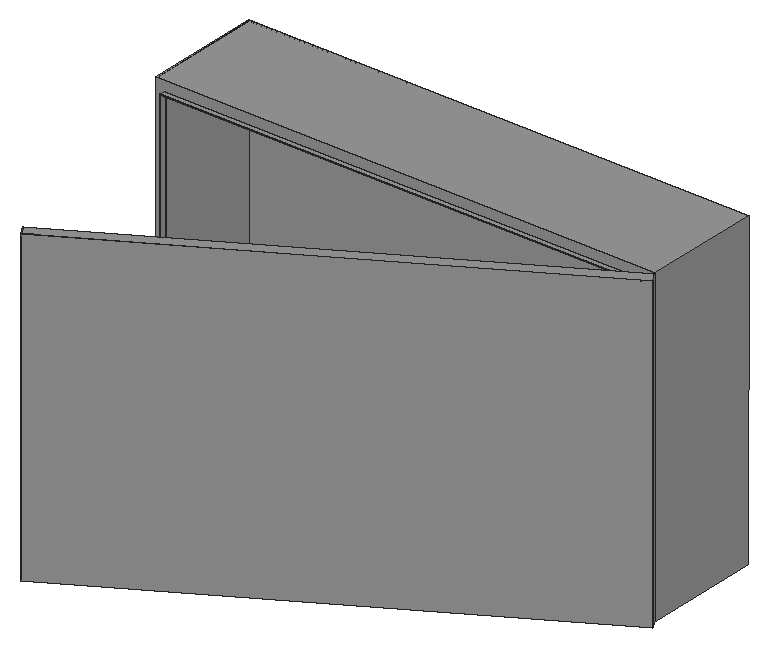
Revit family "Hager-Univers-IP54-D205-H500-Cl.I-Encl-NoHosted-CH-de", category Equipement électrique, Revit 2020
Family settings
  Configuration du panneau = Deux colonnes, circuits au sein
  Cote de connecteur circulaire = Utiliser le diamètre
  Type d'élément = Tableau de raccordement
  Basée sur le plan de construction = Oui
  Toujours verticalement = Oui
  Couper avec des vides une fois chargée = Non
  Partagée = Non
  Point de calcul de pièce = Non
Parameters (values of type "Aufputz IP54 B800 H500 T205  - FP33TW2")
  Width Control [instance] = if([EF000008 - Breite] > Min Width, [EF000008 - Breite], Min Width)  # 800 mm
  Commentaires du type = [HG000003 - Bereich]  # "Univers"
  Thickness Door [instance] = if([EF009171 - Materialstärke Tür/Deckel] > 3 mm, 3 mm, [EF009171 - Materialstärke Tür/Deckel])  # 1 mm
  Seal Frame Offset [instance] = 17 mm  # constant formula
  Plinth Visibility [instance] = [HG000027 - Sockelhöhe] > 0 mm  # no
  Min Width [instance] = 100 mm  # constant formula
  Min Depth [instance] = (2 * [EF009170 - Materialstärke Gehäuse]) + 1 mm  # 3 mm
  Min Height [instance] = 100 mm  # constant formula
  Internal Frame Depth [instance] = (Door System Depth * 0.5)  # 9 mm
  Panel Name [instance] = ""  # (empty or 0)
  Model = ""
  HG000027 - Sockelhöhe = 0 mm
  HG000026 - Stehend auf dem Boden = no
  HG000024 - Höhe des unteren Teils = 600 mm
  HG000023 - Gehäuse mit doppeltem Querschnitt = no
  HG000016 - 3D-Türsichtbarkeit [instance] = yes
  HG000015 - Sichtbarkeit der Türöffnung [instance] = no
  HG000014 - Tür rechts [instance] = yes
  HG000013 - Tür links [instance] = not([HG000014 - Tür rechts])  # no
  HG000012 - Türschwenkwinkel [instance] = 30.00°
  HG000010 - Asymmetrische Türen = no
  HG000009 - Doppelflügeligen Tür = no
  HG000006 - Unterputz = no
  HG000004 - Herstellerreferenz = "FP33TW2"
  HG000003 - Bereich = "Univers"
  HG000002 - Mit tür = yes
  Frame Offset Bottom [instance] = 10 mm  # constant formula
  Frame Offset [instance] = 15 mm  # constant formula
  EF015940 - Deckel mit Überdruckentlastung = no
  EF011959 - Schutzart (NEMA) = ""
  EF009554 - Anzahl der Öffnungen für Flanschplatten = 6
  EF009212 - Ausführung Deckel = "EV000116 - geschlossen"
  EF009171 - Materialstärke Tür/Deckel = 1 mm
  EF009170 - Materialstärke Gehäuse = 1 mm
  EF008873 - Nennstrom (In) = 250 A
  EF007800 - Geeignet für Blitzschutz = no
  EF006306 - Mit Schloss = no
  EF006244 - Transparenter Deckel/Tür = no
  EF005474 - Schutzart (IP) = "EV006419 - IP54"
  EF004464 - Art der Tür = "EV002646 - Einzel"
  EF004427 - Anzahl der Module = 108
  EF004293 - Schlagfestigkeit = "EV006815 - IK09"
  EF003532 - Geeignet für Außengebrauch = no
  EF002950 - Breite in Teilungseinheiten = 36
  EF001613 - Funktionserhalt = "EV000494 - ohne"
  EF001596 - Werkstoff des Gehäuses = "EV000179 - Stahl"
  EF001131 - Innentiefe = 205 mm
  EF001088 - Anbaumöglichkeit = yes
  EF000437 - Anzahl der Leitungseinführungen = 6
  EF000339 - Art der Abdeckung = "EV001012 - Deckel"
  EF000266 - Anzahl der Reihen = 3
  EF000218 - Einbautiefe = 205 mm
  EF000118 - Mit Montageplatte = no
  EF000116 - RAL-Nummer = "9010"
  EF000049 - Tiefe = 205 mm
  EF000040 - Höhe = 500 mm
  EF000008 - Breite = 800 mm
  EF000007 - Farbe = "EV000202 - weiß"
  EF000003 - Montageart = "EV000384 - Aufputz"
  Door System Leaf Tolerance [instance] = 1.5 mm  # constant formula
  Door System Depth [instance] = 18 mm  # constant formula
  Door Height [instance] = Height Control - [HG000027 - Sockelhöhe]  # 500 mm
  Description = ""
  Default Elevation = 1219.2 mm
  Connector Offset [instance] = Height Control / 2  # 250 mm
  Fabricant = "Hager"  # constant formula
  Height Control [instance] = if([EF000040 - Höhe] > Min Height, [EF000040 - Höhe], Min Height)  # 500 mm
  Depth Control [instance] = if([EF000049 - Tiefe] > Min Depth, [EF000049 - Tiefe], Min Depth)  # 205 mm
  Bottom Top Plate Trim [instance] = 1.5 mm  # constant formula
  Plinth height Ctrl [instance] = if([HG000027 - Sockelhöhe] > 0 mm, [HG000027 - Sockelhöhe], 12 mm)  # 12 mm
Types (5, lengths in mm): name | Width Control | HG000004 - Herstellerreferenz | EF009554 - Anzahl der Öffnungen für Flanschplatten | EF004464 - Art der Tür | EF004427 - Anzahl der Module | EF002950 - Breite in Teilungseinheiten | EF000437 - Anzahl der Leitungseinführungen | EF000008 - Breite
  Aufputz IP54 B1050 H500 T205  - FP34TW2 | 1050 | "FP34TW2" | 8 | "EV003602 - Doppel" | 144 | 48 | 8 | 1050
  Aufputz IP54 B1300 H500 T205  - FP35TW2 | 1300 | "FP35TW2" | 10 | "EV003602 - Doppel" | 180 | 60 | 10 | 1300
  Aufputz IP54 B300 H500 T205  - FP31TW2 | 300 | "FP31TW2" | 2 | "EV002646 - Einzel" | 36 | 12 | 2 | 300
  Aufputz IP54 B550 H500 T205  - FP32TW2 | 550 | "FP32TW2" | 4 | "EV002646 - Einzel" | 72 | 24 | 4 | 550
  Aufputz IP54 B800 H500 T205  - FP33TW2 | 800 | "FP33TW2" | 6 | "EV002646 - Einzel" | 108 | 36 | 6 | 800
Reference planes
  plane 1 "Center (Front/Back)": y = 0
  plane 2: z = 0
  plane 3 "Center (Left/Right)": x = 0
  plane 4: y = 0
  plane 5: y = 0
  plane 6: z = 0
  plane 7: x = -400
  plane 8: x = 400
  plane 9: x = 399
  plane 10: x = -399
  plane 11: z = 0
  plane 12: z = 1
  plane 13: y = -205
  plane 14: y = -1
  plane 15: x = 0
  plane 16: y = -187
  plane 17: y = -204
  plane 18: y = -186
  plane 19: x = -384
  plane 20: x = 384
  plane 21: z = 11
  plane 22: x = -383
  plane 23: x = 383
  plane 24: z = 0
  plane 25: z = 500
  plane 26: z = 500
  plane 27: z = 484
  plane 28: z = 499
Forms (mm)
  Extrusion 1, solid, material "Hager_Steel_RAL7035_Light_Grey", detail levels medium+fine
    sketch origin (-208.679, -4572, 0) x (-1, 0, 0) y (0, -1, 0)
      loop
        line (191.321, -4385) -> (-608.679, -4385) -> (-608.679, -4572) -> (191.321, -4572) -> (191.321, -4385)
    from 0 to 500
  Extrusion 2, void
    sketch origin (-350.771, -205, 1219.2) x (1, 0, 0) y (0, 0, 1)
      loop
        line (-48.229, -720.2) -> (-48.229, -1218.2) -> (749.771, -1218.2) -> (749.771, -720.2) -> (-48.229, -720.2)
    from -19 to -204
  Extrusion 3, void
    sketch origin (-290.084, -187, 1219.2) x (1, 0, 0) y (0, 0, 1)
      loop
        line (-93.916, -1208.2) -> (674.084, -1208.2) -> (674.084, -735.2) -> (-93.916, -735.2) -> (-93.916, -1208.2)
    from 0 to -1
  Extrusion 4, solid, material "Hager_Steel_RAL7035_Light_Grey", visible <- "Plinth Visibility", detail levels medium+fine
    sketch origin (0, 0, 0) x (1, 0, 0) y (0, 1, 0)
      loop
        line (-400, 0) -> (-400, -187) -> (400, -187) -> (400, 0) -> (-400, 0)
    from 0 to 12 <- "Plinth height Ctrl"
  Extrusion 5, solid, material "Hager_Steel_RAL7035_Light_Grey", detail levels coarse
    sketch origin (0, 0, 0) x (1, 0, 0) y (0, 1, 0)
      loop
        line (-400, 0) -> (-400, -205) -> (400, -205) -> (400, 0) -> (-400, 0)
    from 0 to 500 <- "Height Control"
  Sweep 6, void
    path in 3D
      loop
        line (-400, -187, 12) -> (400, -187, 12) -> (400, 0, 12) -> (-400, 0, 12) -> (-400, -187, 12)
    profile origin (-400, -93.5, 12) x (1, 0, 0) y (0, 0, 1)
      loop
        line (0, 0) -> (0, -1.5) -> (1.5, -1.5)
        arc (1.5, -1.5) -> (1.061, -0.439) -> (0, 0) r 1.5
  Extrusion 7, solid, material "Hager_Steel_RAL7035_Light_Grey", detail levels fine
    sketch origin (-400, -187, 0) x (1, 0, 0) y (0, 0, 1)
      loop
        line (16, 11) -> (784, 11) -> (784, 484) -> (16, 484) -> (16, 11)
      loop
        line (15, 10) -> (785, 10) -> (785, 485) -> (15, 485) -> (15, 10)
    from 0 to 9 <- "Internal Frame Depth"
Cuts and joins
  Extrusion 2, Extrusion 3 cuts Extrusion 1
  Sweep 6 cuts Extrusion 4
Lines and regions (mm)
  Masking region 1
    outline origin (0, 0, 0) x (1, 0, 0) y (0, 1, 0)
      loop
        line (-400, 0) -> (-400, -205) -> (400, -205) -> (400, 0) -> (-400, 0)
  Masking region 2, detail levels coarse
    outline origin (-290.084, -187, 1219.2) x (-1, 0, 0) y (0, 0, 1)
      loop
        line (-690.084, -1219.2) -> (109.916, -1219.2) -> (109.916, -719.2) -> (-690.084, -719.2) -> (-690.084, -1219.2)
  Masking region 3, detail levels coarse
    outline origin (0, 0, 0) x (0, 1, 0) y (0, 0, 1)
      loop
        line (0, 0) -> (0, 500) -> (-205, 500) -> (-205, 0) -> (0, 0)
  Masking region 4, visible <- "Plinth Visibility", detail levels medium+fine
    outline origin (0, 0, 0) x (0, 1, 0) y (0, 0, 1)
      loop
        line (-1.5, 12) -> (-185.5, 12)
        arc (-185.5, 12) -> (-185.939, 10.939) -> (-187, 10.5) r 1.5
        line (-187, 10.5) -> (-187, 0) -> (0, 0) -> (0, 10.5)
        arc (0, 10.5) -> (-1.061, 10.939) -> (-1.5, 12) r 1.5
  Masking region 5, detail levels medium+fine
    outline origin (0, 0, 594.038) x (0, 1, 0) y (0, 0, 1)
      loop
        line (0, -594.038) -> (0, -94.038) -> (-187, -94.038) -> (-187, -594.038) -> (0, -594.038)
  Masking region 6, detail levels medium+fine
    outline origin (-359.7, -187, 1211.883) x (-1, 0, 0) y (0, 0, 1)
      loop
        line (-759.7, -1211.883) -> (40.3, -1211.883) -> (40.3, -711.883) -> (-759.7, -711.883) -> (-759.7, -1211.883)
  Masking region 7, visible <- "Plinth Visibility", detail levels medium+fine
    outline origin (-320.334, -187, 1041.368) x (-1, 0, 0) y (0, 0, 1)
      loop
        line (-720.334, -1041.368) -> (79.666, -1041.368) -> (79.666, -1030.868)
        arc (79.666, -1030.868) -> (78.606, -1030.429) -> (78.166, -1029.368) r 1.5
        line (78.166, -1029.368) -> (-718.834, -1029.368)
        arc (-718.834, -1029.368) -> (-719.273, -1030.429) -> (-720.334, -1030.868) r 1.5
        line (-720.334, -1030.868) -> (-720.334, -1041.368)
  sketch lines
    curve 1: line (-400, 0, 12) -> (-400, -187, 12)
    curve 2: line (-400, -187, 12) -> (400, -187, 12)
    curve 3: line (400, 0, 12) -> (-400, 0, 12)
    curve 4: line (400, -187, 12) -> (400, 0, 12)
Dimensions and locks
  locked: plane 1 "Center (Front/Back)" to plane 5
  "EF009170 - Materialstärke Gehäuse": plane 7 to plane 10
  "EF009170 - Materialstärke Gehäuse": plane 8 to plane 9
  equal spacing: plane 7, plane 3 "Center (Left/Right)", plane 8
  "Width Control": plane 7 to plane 8
  "Depth Control": plane 4 to plane 13
  "EF009170 - Materialstärke Gehäuse": plane 4 to plane 14
  "Height Control": plane 25 to level
  "HG000027 - Sockelhöhe": plane 11 to level
  "EF009170 - Materialstärke Gehäuse": plane 12 to plane 11
  "EF009170 - Materialstärke Gehäuse": plane 17 to plane 13
  "EF009170 - Materialstärke Gehäuse": plane 18 to plane 16
  "Frame Offset Bottom": plane 21 to plane 12
  "Frame Offset": plane 10 to plane 19
  "Frame Offset": plane 9 to plane 20
  "Door System Depth": plane 16 to plane 13
  "Seal Frame Offset": plane 7 to plane 22
  "Seal Frame Offset": plane 8 to plane 23
  "EF009170 - Materialstärke Gehäuse": plane 26 to plane 28
  "Frame Offset": plane 28 to plane 27
  "Connector Offset": plane 2 to connector elem
  "Bottom Top Plate Trim": profile plane to Sweep 6 sketch curve
  "Bottom Top Plate Trim": Sweep 6 sketch curve to Sweep 6 sketch curve
  "Plinth height Ctrl": Masking region 4 sketch curve to level
  "Plinth height Ctrl": Masking region 7 sketch curve to level
  "Thickness Door": Extrusion 7 sketch curve to Extrusion 7 sketch curve  (x4)
  "Bottom Top Plate Trim": radius of Sweep 6 sketch curve
  "Bottom Top Plate Trim": radius of Masking region 4 sketch curve  (x2)
  "Bottom Top Plate Trim": radius of Masking region 7 sketch curve  (x2)
  aligned and locked: Extrusion 2 sketch curve to plane 12
  aligned and locked: Extrusion 2 sketch curve to plane 9
  aligned and locked: Extrusion 2 sketch curve to plane 10
  aligned and locked: Extrusion 2 to plane 14
  aligned and locked: Extrusion 1 sketch curve to plane 4
  aligned and locked: plane 8 to Extrusion 1 sketch curve
  aligned and locked: plane 7 to Extrusion 1 sketch curve
  aligned and locked: Extrusion 2 to plane 18
  aligned and locked: plane 19 to Extrusion 3 sketch curve
  aligned and locked: plane 20 to Extrusion 3 sketch curve
  aligned and locked: Extrusion 3 to Extrusion 2
  aligned and locked: Extrusion 3 sketch curve to plane 21
  aligned and locked: plane 3 "Center (Left/Right)" to nested 1
  aligned and locked: Extrusion 1 sketch curve to plane 16
  aligned and locked: Extrusion 4 sketch curve to cut or joined group of Extrusion 1, Extrusion 2, Extrusion 3
  aligned and locked: Masking region 1 sketch curve to plane 7
  aligned and locked: Masking region 1 sketch curve to plane 5
  aligned and locked: Masking region 1 sketch curve to plane 8
  aligned and locked: Masking region 2 sketch curve to level
  aligned and locked: level to Masking region 3 sketch curve
  aligned and locked: plane 1 "Center (Front/Back)" to Masking region 3 sketch curve
  aligned and locked: plane 13 to Masking region 3 sketch curve
  aligned and locked: plane 5 to Masking region 4 sketch curve
  aligned and locked: Masking region 2 sketch curve to plane 8
  aligned and locked: Masking region 2 sketch curve to plane 7
  aligned and locked: plane 7 to nested 2
  aligned and locked: nested 2 to plane 5
  aligned and locked: plane 5 to Masking region 5 sketch curve
  aligned and locked: plane 26 to Masking region 5 sketch curve
  aligned and locked: Extrusion 5 sketch curve to plane 8
  aligned and locked: Extrusion 5 sketch curve to plane 7
  aligned and locked: Extrusion 5 sketch curve to plane 5
  aligned and locked: Extrusion 3 sketch curve to plane 27
  aligned and locked: Extrusion 2 sketch curve to plane 28
  aligned and locked: Masking region 2 to plane 25
  aligned and locked: Extrusion 4 to plane 16
  aligned and locked: profile plane to Sweep 6 sketch curve
  aligned and locked: Masking region 5 sketch curve to plane 24
  aligned and locked: level to Masking region 4 sketch curve
  aligned and locked: Masking region 1 to plane 13
  aligned and locked: nested 1 to plane 16
  aligned and locked: Masking region 3 to plane 25
  aligned and locked: plane 16 to Masking region 4 sketch curve
  aligned and locked: Masking region 5 sketch curve to plane 16
  aligned and locked: plane 24 to plane 11
  aligned and locked: plane 26 to plane 25
  aligned and locked: plane 26 to cut or joined group of Extrusion 1, Extrusion 2, Extrusion 3
  aligned and locked: nested 1 to plane 24
  aligned and locked: Extrusion 1 to Extrusion 3
  aligned and locked: Masking region 6 sketch curve to plane 8
  aligned and locked: Masking region 6 sketch curve to plane 24
  aligned and locked: Masking region 6 sketch curve to plane 7
  aligned and locked: Masking region 6 sketch curve to plane 26
  aligned and locked: Masking region 7 sketch curve to plane 7
  aligned and locked: level to Masking region 7 sketch curve
  aligned and locked: Masking region 7 sketch curve to plane 8
  aligned and locked: Extrusion 7 sketch curve to cut or joined group of Extrusion 1, Extrusion 2, Extrusion 3  (x4)
Automatic sketch dimensions
  plane 19 to Extrusion 3 sketch curve = 0 mm
  Extrusion 3 sketch curve to plane 20 = 0 mm
  Extrusion 3 sketch curve to plane 21 = 0 mm
  Extrusion 4 sketch curve to plane 7 = 0 mm
  Extrusion 4 sketch curve to plane 8 = 0 mm
  Extrusion 4 sketch curve to plane 16 = 0 mm
  Masking region 1 sketch curve to plane 13 = 0 mm
  Masking region 2 sketch curve to plane 25 = 0 mm
  Masking region 3 sketch curve to plane 25 = 0 mm
  Extrusion 5 sketch curve to plane 13 = 0 mm
  profile plane to Sweep 6 sketch curve = 0 mm
Nested families
  nested 1: "EC000058_Univers_Door" at (0, -187, 0), Double <- "HG000009 - Doppelflügeligen Tür", Transparent <- "EF006244 - Transparenter Deckel/Tür", Angle <- "HG000012 - Türschwenkwinkel", Door_Right <- "HG000014 - Tür rechts", Assymetrical <- "HG000010 - Asymmetrische Türen", Door <- "HG000002 - Mit tür", Width_Ctrl <- "Width Control", 3d_Door <- "HG000016 - 3D-Türsichtbarkeit", Clearance <- "HG000015 - Sichtbarkeit der Türöffnung", Door_Left <- "HG000013 - Tür links", Width <- "Width Control", Door_Depth <- "Door System Depth", Leaf_Tolerance <- "Door System Leaf Tolerance", Height <- "Door Height", Lock_Visibility <- "EF006306 - Mit Schloss", Thickness <- "Thickness Door", type "EC000058_Univers_Door", detail levels medium+fine
    with min_wh 3 mm, Width_Ctrl 800 mm, Width 800 mm, Transparent no, Thickness 1 mm, Seal_Material Hager_Rubber, Lock_Visibility no, Lock_Material Hager_Plastic_RAL9005_Jet_Black, Leaf_Width 800 mm, Leaf_Tolerance_External_Sides 0 mm, Leaf_Tolerance 1.5 mm, Leaf_Offset 0 mm, Leaf_Height 497 mm, Leaf_2_Width 800 mm, Leaf_2_Offset 400 mm, Leaf_1_Width 800 mm, Leaf_1_Offset 400 mm, Height_Ctrl 500 mm, Height 500 mm, Glass_Material Hager_Glass, Double_Clearance_Ctrl no, Double no, Door_Right_Ctrl yes, Door_Right yes, Door_Material Hager_Steel_RAL7035_Light_Grey, Door_Left_Ctrl no, Door_Left no, Door_Depth 18 mm, Door yes, Clearance_Material Hager_Clearance, Clearance_Depth 800 mm, Clearance_Ctrl no, Clearance no, Assymetrical no, Angle 30.00°, 3d_Door yes
  nested 2: "Hager_Enclosure_Symbol" at (-400, 0, 0), Height <- "Depth Control", Width <- "Width Control", type "Hager_Enclosure_Symbol"
    with Width_Ctrl 800 mm, Width 800 mm, Height_Ctrl 205 mm, Height 205 mm, A_Width_Int 13.453 mm, A_Width 161.438 mm, A_Height_Ctrl 179.375 mm, A_Height 179.375 mm
Connectors
  electrical at (0, 0, 250)
    settings: on plane 1 "Center (Front/Back)", index 1, voltage 0 V, apparent load 0 VA, apparent load phase1 0 VA, apparent load phase2 0 VA, apparent load phase3 0 VA, power factor 1, load classification "Other", number of poles 1, system type 30, power factor state 1, is connector primary yes, connector utility no, sub classification motor no, connector description ""
Definition of nested family "EC000058_Univers_Door"
  Parameters (values of type "EC000058_Univers_Door")
    min_wh [instance] = (2 * Thickness) + 1 mm  # 11 mm
    Width_Ctrl [instance] = 400 mm
    Width [instance] = 500 mm
    Transparent [instance] = yes
    Thickness [instance] = 5 mm
    Seal_Material [instance] = none
    Lock_Visibility [instance] = yes
    Lock_Material [instance] = none
    Leaf_Width [instance] = if((Width_Ctrl - 2 * Leaf_Tolerance_External_Sides) > 0 mm, (Width_Ctrl - 2 * Leaf_Tolerance_External_Sides), min_wh)  # 400 mm
    Leaf_Tolerance_External_Sides [instance] = 0 mm  # constant formula
    Leaf_Tolerance [instance] = 1.5 mm
    Leaf_Offset [instance] = 0 mm  # constant formula
    Leaf_Height [instance] = if((Height_Ctrl - 2 * Leaf_Tolerance) > 0 mm, (Height_Ctrl - 2 * Leaf_Tolerance), min_wh)  # 497 mm
    Leaf_2_Width [instance] = if(and(and(Double, Assymetrical), Door_Left), (Leaf_Width / 3) - (Leaf_Tolerance / 2), if(and(and(Double, Assymetrical), Door_Right), (Leaf_Width / 3) * 2 - (Leaf_Tolerance / 2), if(and(Double, not(Assymetrical)), (Leaf_Width / 2) - Leaf_Tolerance, Leaf_Width)))  # 400 mm
    Leaf_2_Offset [instance] = if(and(Double, Assymetrical), Leaf_2_Width / 2, if(and(Double, not(Assymetrical)), Leaf_Width / 4, Leaf_Width / 2))  # 200 mm
    Leaf_1_Width [instance] = if(and(and(Double, Assymetrical), Door_Right), (Leaf_Width / 3) - (Leaf_Tolerance / 2), if(and(and(Double, Assymetrical), Door_Left), (Width / 3) * 2 - (Leaf_Tolerance / 2), if(and(Double, not(Assymetrical)), (Leaf_Width / 2) - Leaf_Tolerance, Leaf_Width)))  # 400 mm
    Leaf_1_Offset [instance] = if(and(Double, Assymetrical), Leaf_1_Width / 2, if(and(Double, not(Assymetrical)), Leaf_Width / 4, Leaf_Width / 2))  # 200 mm
    Height_Ctrl [instance] = if(Height > min_wh, Height, min_wh)  # 500 mm
    Height [instance] = 500 mm
    Glass_Material [instance] = none
    Double_Clearance_Ctrl [instance] = and(Double, Clearance)  # no
    Double [instance] = no
    Door_Right_Ctrl [instance] = and(or(Door_Right, Double), Door)  # yes
    Door_Right [instance] = yes
    Door_Material [instance] = none
    Door_Left_Ctrl [instance] = and(or(Door_Left, Double), Door)  # no
    Door_Left [instance] = no
    Door_Depth [instance] = 30 mm
    Door [instance] = yes
    Default Elevation = 1219.2 mm
    Clearance_Material [instance] = none
    Clearance_Depth [instance] = if(Leaf_1_Width > Leaf_2_Width, Leaf_1_Width, Leaf_2_Width)  # 400 mm
    Clearance_Ctrl [instance] = and(not(Double), Clearance)  # yes
    Clearance [instance] = yes
    Assymetrical [instance] = yes
    Angle [instance] = 30.00°
    3d_Door [instance] = yes
  Reference planes
    plane 1 "Center (Front/Back)": y = 0
    plane 2 "Bottom": z = 0
    plane 3 "Center (Left/Right)": x = 0
    plane 4: z = 500
    plane 5: x = -200
    plane 6: x = 200
    plane 7: z = 500
    plane 8: x = -200
    plane 9: z = 0
    plane 10: x = 200
    plane 11: y = 0
    plane 12: z = 1.5
    plane 13: x = -600
    plane 14: y = -400
    plane 15: x = 600
    plane 16: x = 0
    plane 17: x = 0
    plane 18: x = -200
    plane 19: x = 200
    plane 20: z = 498.5
  Forms (mm)
    Extrusion 1, solid, material <- "Clearance_Material", visible <- "Double_Clearance_Ctrl"
      sketch origin (1200, 0, 0) x (1, 0, 0) y (0, 0, -1)
        loop
          line (-1800, -498.5) -> (-600, -498.5) -> (-600, 0) -> (-1800, 0) -> (-1800, -498.5)
      from 0 to -400
  Dimensions and locks
    equal spacing: plane 5, plane 3 "Center (Left/Right)", plane 6
    "Width_Ctrl": plane 5 to plane 6
    "Leaf_Offset": plane 5 to plane 8
    "Leaf_Offset": plane 6 to plane 10
    "Leaf_Offset": plane 9 to level
    "Leaf_Offset": plane 4 to plane 7
    "Height_Ctrl": plane 4 to level
    "Leaf_Tolerance": plane 12 to plane 9
    locked: plane 11 to plane 1 "Center (Front/Back)"
    "Leaf_1_Offset": plane 18 to plane 16
    "Leaf_2_Offset": plane 17 to plane 19
    "Leaf_1_Width": plane 13 to plane 8
    "Leaf_2_Width": plane 10 to plane 15
    "Clearance_Depth": plane 14 to plane 1 "Center (Front/Back)"
    "Leaf_Tolerance_External_Sides": plane 8 to plane 18
    "Leaf_Tolerance_External_Sides": plane 19 to plane 10
    "Leaf_Tolerance": plane 7 to plane 20
    aligned and locked: level to plane 2 "Bottom"
    aligned and locked: nested 1 to plane 16
    aligned and locked: nested 2 to plane 17
    aligned and locked: Extrusion 1 to plane 13
    aligned and locked: plane 15 to Extrusion 1
    aligned and locked: Extrusion 1 to plane 14
    aligned and locked: plane 12 to nested 1
    aligned and locked: nested 2 to plane 12
    aligned and locked: Extrusion 1 to plane 11
    aligned and locked: plane 20 to Extrusion 1
    aligned and locked: nested 2 to plane 11
    aligned and locked: nested 1 to plane 11
  Automatic sketch dimensions
    Extrusion 1 sketch curve to level = 0 mm
    plane 5 to Extrusion 1 sketch curve = 400 mm
    plane 6 to Extrusion 1 sketch curve = 400 mm
    Extrusion 1 sketch curve to plane 4 = 1.5 mm
  Nested families
    nested 1: "EC000058_Univers_Door_Leaf" at (0, 0, 1.5), Width <- "Leaf_1_Width", visible <- "Door_Left_Ctrl", Leaf_Height <- "Leaf_Height", Angle <- "Angle", 3d_Door <- "3d_Door", Transparent <- "Transparent", Clearance Material <- "Clearance_Material", Clearance <- "Clearance_Ctrl", Door_Material <- "Door_Material", Glass_Material <- "Glass_Material", Door_Depth <- "Door_Depth", Lock_Material <- "Lock_Material", Seal_Material <- "Seal_Material", Lock_Visibility <- "Lock_Visibility", Thickness <- "Thickness", type "EC000058_Univers_Door_Leaf"
      with Width 400 mm, Transparent_Glass_Offset 30 mm, Transparent_Ctrl yes, Transparent yes, Thickness 5 mm, Standard no, Seal_Material none, Seal_D2 8 mm, Seal_D1 1 mm, Offset_Internal_Frame 10 mm, Lock_Width 20 mm, Lock_Visibility_3d yes, Lock_Visibility yes, Lock_Thickness_3 3 mm, Lock_Thickness_2 1 mm, Lock_Thickness_1 3 mm, Lock_Radius_Offset_2 16 mm, Lock_Radius_Offset_1 15 mm, Lock_Radius_2 5 mm, Lock_Radius 6 mm, Lock_Offset 5 mm, Lock_Material none, Lock_Height 80 mm, Lock_Cover_Top_Offset_2d 17 mm, Lock_Cover_Height -65 mm, Leaf_Height 497 mm, Internal_Seal_Thickness 8 mm, Internal_Seal_Depth_2 4.5 mm, Internal_Frame_Depth 25 mm, Glass_Thickness -1 mm, Glass_Offset -2 mm, Glass_Material none, Door_Material none, Door_Depth 30 mm, Clearance Material none, Clearance yes, Angle_Ctrl 30.00°, Angle 30.00°, 3d_Door yes
    nested 2: "EC000058_Univers_Door_Leaf" at (0, 0, 1.5) x (-1, 0, 0) z (0, 0, 1), Width <- "Leaf_2_Width", visible <- "Door_Right_Ctrl", Leaf_Height <- "Leaf_Height", Angle <- "Angle", 3d_Door <- "3d_Door", Transparent <- "Transparent", Clearance Material <- "Clearance_Material", Clearance <- "Clearance_Ctrl", Door_Material <- "Door_Material", Glass_Material <- "Glass_Material", Door_Depth <- "Door_Depth", Lock_Material <- "Lock_Material", Seal_Material <- "Seal_Material", Lock_Visibility <- "Lock_Visibility", Thickness <- "Thickness", type "EC000058_Univers_Door_Leaf"
      with Width 400 mm, Transparent_Glass_Offset 30 mm, Transparent_Ctrl yes, Transparent yes, Thickness 5 mm, Standard no, Seal_Material none, Seal_D2 8 mm, Seal_D1 1 mm, Offset_Internal_Frame 10 mm, Lock_Width 20 mm, Lock_Visibility_3d yes, Lock_Visibility yes, Lock_Thickness_3 3 mm, Lock_Thickness_2 1 mm, Lock_Thickness_1 3 mm, Lock_Radius_Offset_2 16 mm, Lock_Radius_Offset_1 15 mm, Lock_Radius_2 5 mm, Lock_Radius 6 mm, Lock_Offset 5 mm, Lock_Material none, Lock_Height 80 mm, Lock_Cover_Top_Offset_2d 17 mm, Lock_Cover_Height -65 mm, Leaf_Height 497 mm, Internal_Seal_Thickness 8 mm, Internal_Seal_Depth_2 4.5 mm, Internal_Frame_Depth 25 mm, Glass_Thickness -1 mm, Glass_Offset -2 mm, Glass_Material none, Door_Material none, Door_Depth 30 mm, Clearance Material none, Clearance yes, Angle_Ctrl 30.00°, Angle 30.00°, 3d_Door yes
  Definition of nested family "EC000058_Univers_Door_Leaf"
    Parameters (values of type "EC000058_Univers_Door_Leaf")
      Width [instance] = 2000 mm
      Transparent_Glass_Offset [instance] = 30 mm
      Transparent_Ctrl [instance] = and(Transparent, [3d_Door])  # yes
      Transparent [instance] = yes
      Thickness [instance] = 5 mm
      Standard [instance] = and(not(Transparent), [3d_Door])  # no
      Seal_Material [instance] = none
      Seal_D2 [instance] = 8 mm  # constant formula
      Seal_D1 [instance] = 1 mm  # constant formula
      Offset_Internal_Frame [instance] = 10 mm  # constant formula
      Lock_Width [instance] = 20 mm  # constant formula
      Lock_Visibility_3d [instance] = and(Lock_Visibility, [3d_Door])  # yes
      Lock_Visibility [instance] = yes
      Lock_Thickness_3 [instance] = 3 mm  # constant formula
      Lock_Thickness_2 [instance] = 1 mm  # constant formula
      Lock_Thickness_1 [instance] = 3 mm  # constant formula
      Lock_Radius_Offset_2 [instance] = Lock_Radius_Offset_1 + 1 mm  # 16 mm
      Lock_Radius_Offset_1 [instance] = 15 mm  # constant formula
      Lock_Radius_2 [instance] = Lock_Radius - 1 mm  # 5 mm
      Lock_Radius [instance] = 6 mm  # constant formula
      Lock_Offset [instance] = 5 mm  # constant formula
      Lock_Material [instance] = none
      Lock_Height [instance] = 80 mm  # constant formula
      Lock_Cover_Top_Offset_2d [instance] = Lock_Radius_Offset_2 + 1 mm  # 17 mm
      Lock_Cover_Height [instance] = -(Lock_Height - Lock_Radius_Offset_1)  # -65 mm
      Leaf_Height [instance] = 2720.336 mm
      Internal_Seal_Thickness [instance] = 8 mm  # constant formula
      Internal_Seal_Depth_2 [instance] = 4.5 mm  # constant formula
      Internal_Frame_Depth [instance] = if(Door_Depth - Thickness > 5 mm, Door_Depth - Thickness, 5 mm)  # 25 mm
      Glass_Thickness [instance] = if(Thickness > 15 mm, Glass_Offset + 10 mm, -1 mm)  # -1 mm
      Glass_Offset [instance] = if(Thickness > 15 mm, -(Thickness + 10 mm) / 2, -2 mm)  # -2 mm
      Glass_Material [instance] = none
      Door_Material [instance] = none
      Door_Depth [instance] = 30 mm
      Default Elevation = 0 mm
      Clearance Material [instance] = none
      Clearance [instance] = yes
      Angle_Ctrl [instance] = if(Angle > 180.00°, 180.00°, Angle)  # 90.00°
      Angle [instance] = 90.00°
      3d_Door [instance] = yes
    Reference planes
      plane 1 "Center (Front/Back)": y = 0
      plane 2: z = 0
      plane 3 "Center (Left/Right)": x = 0
      plane 4: y = 2000
      plane 5: x = -1000
      plane 6: x = 1000
      plane 7: x = -3000
      plane 8: z = 2720.336
      plane 9: z = 30
      plane 10: z = 2690.336
      plane 11: x = 970
      plane 12: x = -970
      plane 13: y = -3
      plane 14: z = 107.833
      plane 15: y = -5
      plane 16: y = -223.314
      plane 17: x = -1000
      plane 18: z = 1360.168
      plane 19: y = 30
    Forms (mm)
      Extrusion 1, solid, material <- "Clearance Material", visible <- "Clearance"
        sketch origin (0, 0, 0) x (1, 0, 0) y (0, 0, 1)
          loop
            line (-3000, 2720.336) -> (-3000, 0) -> (1000, 0) -> (1000, 2720.336) -> (-3000, 2720.336)
        from 0 to -2000
      Extrusion 2, solid, material <- "Door_Material", visible <- "Standard", detail levels medium+fine
        sketch origin (-1000, 0, 0) x (0, 1, 0) y (-1, 0, 0)
          loop
            line (0, 30) -> (0, 25) -> (2000, 25) -> (2000, 30) -> (0, 30)
        from 0 to 2720.336 <- "Leaf_Height"
      Extrusion 3, solid, material <- "Door_Material", visible <- "Transparent_Ctrl", detail levels medium+fine
        sketch origin (-1000, 0, 0) x (0, 1, 0) y (-1, 0, 0)
          loop
            line (0, 25) -> (2000, 25) -> (2000, 30) -> (0, 30) -> (0, 25)
        from 0 to 2720.336 <- "Leaf_Height"
      Extrusion 4, void
        sketch origin (-1025, 2000, 0) x (0, 1, 0) y (0, 0, -1)
          loop
            line (-30, -2690.336) -> (-30, -30) -> (-1970, -30) -> (-1970, -2690.336) -> (-30, -2690.336)
        from 0 to 5 <- "Thickness"
      Sweep 5, solid, material <- "Seal_Material", visible <- "Transparent_Ctrl", detail levels fine
        path in 3D
          loop
            line (-1025, 30, 30) -> (-1025, 30, 2690.336) -> (-1025, 1970, 2690.336) -> (-1025, 1970, 30) -> (-1025, 30, 30)
        profile origin (-1025, 1000, 30) x (1, 0, 0) y (0, 0, 1)
          loop
            line (0, 0) -> (0, -8) -> (1, -8) -> (1, 0) -> (0, 0)
      Extrusion 6, solid, material <- "Glass_Material", visible <- "Transparent_Ctrl", detail levels medium+fine
        sketch origin (-1030, 0, 0) x (0, 1, 0) y (0, 0, -1)
          loop
            line (1970, -2690.336) -> (1970, -30) -> (30, -30) -> (30, -2690.336) -> (1970, -2690.336)
        from -2 <- "Glass_Offset" to -1 <- "Glass_Thickness"
      Extrusion 7, solid, material <- "Door_Material", visible <- "3d_Door", detail levels medium+fine
        sketch origin (-1025, 2000, 0) x (0, -1, 0) y (0, 0, -1)
          loop
            line (0, -2720.336) -> (2000, -2720.336) -> (2000, 0) -> (0, 0) -> (0, -2720.336)
          loop
            line (1995, -5) -> (5, -5) -> (5, -2715.336) -> (1995, -2715.336) -> (1995, -5)
        from 0 to 25 <- "Internal_Frame_Depth"
      Sweep 8, solid, material <- "Seal_Material", visible <- "Transparent_Ctrl", detail levels fine
        path in 3D
          loop
            line (-1025, 0, 0) -> (-1025, 2000, 0) -> (-1025, 2000, 2720.336) -> (-1025, 0, 2720.336) -> (-1025, 0, 0)
        profile origin (-1025, 0, 1360.168) x (1, 0, 0) y (0, 1, 0)
          loop
            line (0, 10) -> (2.975, 10)
            arc (2.975, 10) -> (4.053, 10.447) -> (4.5, 11.525) r 1.525
            line (4.5, 11.525) -> (4.5, 16.527)
            arc (4.5, 16.527) -> (4.069, 17.569) -> (3.027, 18) r 1.473
            line (3.027, 18) -> (0, 18) -> (0, 10)
      Extrusion 9, solid, material <- "Lock_Material", visible <- "Lock_Visibility_3d", detail levels fine
        sketch origin (-1030, 0, 0) x (0, 1, 0) y (0, 0, -1)
          loop
            arc (1993.5, -1400.168) -> (1994.561, -1399.729) -> (1995, -1398.668) r 1.5
            line (1995, -1398.668) -> (1995, -1320.168) -> (1975, -1320.168) -> (1975, -1398.668)
            arc (1975, -1398.668) -> (1975.439, -1399.729) -> (1976.5, -1400.168) r 1.5
            line (1976.5, -1400.168) -> (1993.5, -1400.168)
        from 3 <- "Lock_Thickness_1" to 0
      Blend 10, solid, material <- "Lock_Material", visible <- "Lock_Visibility_3d", detail levels fine
        base sketch origin (-1033, 0, 0) x (0, 1, 0) y (0, 0, -1)
          loop
            line (1975, -1320.168) -> (1975, -1398.668)
            arc (1975, -1398.668) -> (1975.439, -1399.729) -> (1976.5, -1400.168) r 1.5
            line (1976.5, -1400.168) -> (1993.5, -1400.168)
            arc (1993.5, -1400.168) -> (1994.561, -1399.729) -> (1995, -1398.668) r 1.5
            line (1995, -1398.668) -> (1995, -1320.168) -> (1975, -1320.168)
        top sketch origin (-1033, 0, 0) x (0, 1, 0) y (0, 0, -1)
          loop
            line (1976, -1320.168) -> (1976, -1398.668)
            arc (1976, -1398.668) -> (1976.146, -1399.022) -> (1976.5, -1399.168) r 0.5
            line (1976.5, -1399.168) -> (1993.5, -1399.168)
            arc (1993.5, -1399.168) -> (1993.854, -1399.022) -> (1994, -1398.668) r 0.5
            line (1994, -1398.668) -> (1994, -1320.168) -> (1976, -1320.168)
        from 0 to 1 <- "Lock_Thickness_2"
      Blend 11, solid, material <- "Lock_Material", visible <- "Lock_Visibility_3d", detail levels fine
        base sketch origin (-1034, 0, 0) x (0, 1, 0) y (0, 0, -1)
          loop
            line (1978, -1320.168) -> (1978, -1384.168)
            arc (1978, -1384.168) -> (1985, -1391.168) -> (1992, -1384.168) r 7
            line (1992, -1384.168) -> (1992, -1320.168) -> (1978, -1320.168)
        top sketch origin (-1034, 0, 0) x (0, 1, 0) y (0, 0, -1)
          loop
            line (1991, -1320.168) -> (1979, -1320.168) -> (1979, -1383.168)
            arc (1979, -1383.168) -> (1985, -1389.168) -> (1991, -1383.168) r 6
            line (1991, -1383.168) -> (1991, -1320.168)
        from 0 to 3 <- "Lock_Thickness_3"
      Extrusion 12, solid, material <- "Lock_Material", visible <- "Lock_Visibility_3d", detail levels fine
        sketch origin (-1030, 1975, 1320.168) x (1, 0, 0) y (0, -1, 0)
          loop
            line (-7, -19) -> (-7, -1) -> (0, -1) -> (0, 0) -> (-8, 0) -> (-8, -20) -> (0, -20) -> (0, -19) -> (-7, -19)
        from 0 to -65 <- "Lock_Cover_Height"
      Extrusion 13, void
        sketch origin (-1038, 1995, 1320.168) x (-1, 0, 0) y (0, 0, -1)
          loop
            line (-5, -65) -> (0, -65) -> (-5, -60) -> (-5, -65)
        from 0 to 20 <- "Lock_Width"
      Extrusion 14, void
        sketch origin (-1038, 1975, 1320.168) x (0, -1, 0) y (0, 0, -1)
          loop
            circle (-10, -15.995) r 6
          loop
            circle (-10, -15.995) r 5
        from 0 to 2
      Extrusion 15, solid, material <- "Lock_Material", visible <- "Lock_Visibility_3d", detail levels medium
        sketch origin (-1030, 0, 0) x (0, 1, 0) y (0, 0, -1)
          loop
            arc (1993.5, -1400.168) -> (1994.561, -1399.729) -> (1995, -1398.668) r 1.5
            line (1995, -1398.668) -> (1995, -1320.168) -> (1975, -1320.168) -> (1975, -1398.668)
            arc (1975, -1398.668) -> (1975.439, -1399.729) -> (1976.5, -1400.168) r 1.5
            line (1976.5, -1400.168) -> (1993.5, -1400.168)
        from 8 to 0
    Cuts and joins
      Extrusion 4 cuts Extrusion 3
      Extrusion 13, Extrusion 14 cuts Extrusion 9
      Extrusion 14 cuts Blend 11
      Extrusion 13, Extrusion 14 cuts Extrusion 12
      joined: Extrusion 9, Blend 10, Blend 11, Extrusion 12
      Extrusion 14 cuts Extrusion 15
    Lines and regions (mm)
      Masking region 1, visible <- "Lock_Visibility", detail levels fine
        outline origin (0, 0, 0) x (0, 1, 0) y (0, 0, 1)
          loop
            line (30, 1320.168) -> (33, 1320.168) -> (33, 1400.168) -> (30, 1400.168) -> (30, 1320.168)
      Masking region 2, visible <- "Lock_Visibility", detail levels fine
        outline origin (0, 3.143, 0) x (0, 1, 0) y (0, 0, 1)
          loop
            line (29.857, 1354.168) -> (30.857, 1354.168) -> (30.857, 1366.168) -> (29.857, 1366.168) -> (29.857, 1354.168)
      Masking region 3, detail levels medium+fine
        outline origin (0, 0, 0) x (0, 1, 0) y (0, 0, 1)
          loop
            line (0, 0) -> (30, 0) -> (30, 2720.336) -> (0, 2720.336) -> (0, 0)
      Masking region 4, detail levels medium+fine
        outline origin (0, 0, 0) x (1, 0, 0) y (0, 0, 1)
          loop
            line (-1000, 2720.336) -> (-1000, 0) -> (1000, 0) -> (1000, 2720.336) -> (-1000, 2720.336)
      Masking region 5, visible <- "Lock_Visibility", detail levels fine
        outline origin (-47.116, 0, 0) x (1, 0, 0) y (0, 0, 1)
          loop
            arc (1024.616, 1399.168) -> (1023.556, 1398.729) -> (1023.116, 1397.668) r 1.5
            line (1023.116, 1397.668) -> (1023.116, 1320.168) -> (1041.116, 1320.168) -> (1041.116, 1397.668)
            arc (1041.116, 1397.668) -> (1040.677, 1398.729) -> (1039.616, 1399.168) r 1.5
            line (1039.616, 1399.168) -> (1024.616, 1399.168)
      Masking region 6, visible <- "Lock_Visibility", detail levels medium+fine
        outline origin (-25, 0, 0) x (1, 0, 0) y (0, 0, 1)
          loop
            arc (1001.5, 1400.168) -> (1000.439, 1399.729) -> (1000, 1398.668) r 1.5
            line (1000, 1398.668) -> (1000, 1320.168) -> (1020, 1320.168) -> (1020, 1398.668)
            arc (1020, 1398.668) -> (1019.561, 1399.729) -> (1018.5, 1400.168) r 1.5
            line (1018.5, 1400.168) -> (1001.5, 1400.168)
      Masking region 7, visible <- "Lock_Visibility", detail levels fine
        outline origin (-73.735, 0, 0) x (1, 0, 0) y (0, 0, 1)
          loop
            line (1051.735, 1382.168) -> (1065.735, 1382.168) -> (1065.735, 1384.168)
            arc (1065.735, 1384.168) -> (1058.735, 1391.168) -> (1051.735, 1384.168) r 7
            line (1051.735, 1384.168) -> (1051.735, 1382.168)
      Masking region 8, visible <- "Lock_Visibility", detail levels fine
        outline origin (-73.735, 0, 0) x (1, 0, 0) y (0, 0, 1)
          loop
            line (1052.735, 1382.168) -> (1064.735, 1382.168) -> (1064.735, 1383.168)
            arc (1064.735, 1383.168) -> (1058.735, 1389.168) -> (1052.735, 1383.168) r 6
            line (1052.735, 1383.168) -> (1052.735, 1382.168)
      Masking region 9, visible <- "Lock_Visibility", detail levels fine
        outline origin (-25, 0, 0) x (1, 0, 0) y (0, 0, 1)
          loop
            line (1020, 1320.168) -> (1020, 1382.168) -> (1000, 1382.168) -> (1000, 1320.168) -> (1020, 1320.168)
      Masking region 10, detail levels medium+fine
        outline origin (0, 0, 0) x (1, 0, 0) y (0, 0, 1)
          loop
            circle (985, 1335.144) r 6
      Masking region 11, detail levels fine
        outline origin (0, 0, 0) x (1, 0, 0) y (0, 0, 1)
          loop
            circle (985, 1335.144) r 5
      Masking region 12, visible <- "Lock_Visibility", detail levels fine
        outline origin (0, 12.767, 0) x (0, 1, 0) y (0, 0, 1)
          loop
            line (20.233, 1320.168) -> (21.233, 1320.168) -> (21.233, 1399.168) -> (20.233, 1400.168) -> (20.233, 1320.168)
      Masking region 13, visible <- "Lock_Visibility", detail levels fine
        outline origin (0, 13.767, -10) x (0, 1, 0) y (0, 0, 1)
          loop
            line (20.233, 1330.168) -> (23.233, 1330.168) -> (23.233, 1399.168) -> (20.233, 1402.168) -> (20.233, 1330.168)
      Masking region 14, visible <- "Lock_Visibility", detail levels fine
        outline origin (0, 12.767, -10) x (0, 1, 0) y (0, 0, 1)
          loop
            line (20.233, 1330.168) -> (25.233, 1330.168) -> (25.233, 1399.305) -> (20.233, 1394.305) -> (20.233, 1330.168)
      Masking region 15, visible <- "Lock_Visibility", detail levels medium
        outline origin (0, 0, 0) x (0, 1, 0) y (0, 0, 1)
          loop
            line (30, 1320.168) -> (38, 1320.168) -> (38, 1400.168) -> (30, 1400.168) -> (30, 1320.168)
      Masking region 16, visible <- "Lock_Visibility", detail levels fine
        outline origin (-1000, 0, 0) x (0, 1, 0) y (-1, 0, 0)
          loop
            line (1975, 30) -> (1995, 30) -> (1995, 38) -> (1975, 38) -> (1975, 30)
          loop
            line (1979, 37) -> (1976, 37) -> (1976, 34) -> (1978, 34) -> (1979, 37)
          loop
            line (1994, 37) -> (1991, 37) -> (1992, 34) -> (1994, 34) -> (1994, 37)
      Masking region 17, visible <- "Lock_Visibility", detail levels medium
        outline origin (-1000, 0, 0) x (0, 1, 0) y (-1, 0, 0)
          loop
            line (1975, 30) -> (1995, 30) -> (1995, 38) -> (1975, 38) -> (1975, 30)
      symbolic lines
        curve 1: line (1000, 0, 0) -> (-3000, 0, 0)
        curve 2: arc (1000, 0, 0) -> (-1000, 2000, 0) -> (-3000, 0, 0) r 2000
        curve 4: line (-1030, 0, 0) -> (-1030, 2000, 0)
      reference lines
        curve 3: line (-1000, 0, 0) -> (-1000, 2000, 0)
      symbolic lines, detail levels medium+fine
        curve 5: line (-1030, 2000, 0) -> (-1025, 2000, 0)
        curve 7: line (-1025, 0, 0) -> (-1030, 0, 0)
        curve 8: line (-1025, 0, 0) -> (-1000, 0, 0)
        curve 9: line (-1000, 0, 0) -> (-1000, 2000, 0)
        curve 10: line (-1000, 2000, 0) -> (-1025, 2000, 0)
      symbolic lines, detail levels fine
        curve 6: line (-1025, 2000, 0) -> (-1025, 0, 0)
      sketch lines
        curve 11: line (-1025, 0, 2720.336) -> (-1025, 0, 0)
        curve 12: line (-1025, 2000, 0) -> (-1025, 0, 0)
        curve 13: line (-1025, 2000, 2720.336) -> (-1025, 2000, 0)
        curve 14: line (-1025, 0, 2720.336) -> (-1025, 2000, 2720.336)
        curve 15: line (-1025, 1970, 30) -> (-1025, 30, 30)
        curve 16: line (-1025, 30, 30) -> (-1025, 30, 2690.336)
        curve 17: line (-1025, 1970, 2690.336) -> (-1025, 1970, 30)
        curve 18: line (-1025, 30, 2690.336) -> (-1025, 1970, 2690.336)
      symbolic lines, visible <- "Transparent", detail levels medium+fine
        curve 19: line (-970, 0, 2690.336) -> (970, 0, 2690.336)
        curve 20: line (-970, 0, 30) -> (-970, 0, 2690.336)
        curve 21: line (970, 0, 30) -> (-970, 0, 30)
        curve 22: line (970, 0, 2690.336) -> (970, 0, 30)
    Dimensions and locks
      "Width": plane 1 "Center (Front/Back)" to plane 4
      equal spacing: plane 5, plane 3 "Center (Left/Right)", plane 6
      "Width": plane 5 to plane 6
      "Width": plane 7 to plane 5
      "Leaf_Height": plane 8 to level
      "Width": curve 5 to curve 3
      "Width": curve 3 to curve 3
      plane 8 to plane 10 = 30 mm
      plane 9 to level = 30 mm
      plane 12 to plane 5 = 30 mm
      plane 6 to plane 11 = 30 mm
      Extrusion 1 to Extrusion 4 sketch curve = 30 mm
      "Transparent_Glass_Offset": curve 3 to Extrusion 4 sketch curve
      "Transparent_Glass_Offset": Extrusion 4 sketch curve to cut or joined group of Extrusion 3, Extrusion 4  (x2)
      cut or joined group of Extrusion 3, Extrusion 4 to Extrusion 6 sketch curve = 30 mm
      "Transparent_Glass_Offset": cut or joined group of Extrusion 3, Extrusion 4 to Extrusion 4 sketch curve
      "Thickness": curve 6 to curve 4
      "Thickness": Extrusion 7 sketch curve to Extrusion 7 sketch curve  (x4)
      "Door_Depth": curve 4 to curve 3
      "Offset_Internal_Frame": profile plane to Sweep 8 sketch curve
      "Internal_Seal_Thickness": Sweep 8 sketch curve to Sweep 8 sketch curve
      "Internal_Seal_Depth_2": profile plane to Sweep 8 sketch curve
      "Seal_D1": profile plane to Sweep 5 sketch curve
      "Seal_D2": profile plane to Sweep 5 sketch curve
      "Thickness": Extrusion 2 sketch curve to Extrusion 2 sketch curve
      equal spacing: Extrusion 9 sketch curve, plane 18, Extrusion 9 sketch curve  (x2)
      equal spacing: Masking region 1 sketch curve, plane 18, Masking region 1 sketch curve
      "Lock_Height": Masking region 1 sketch curve to Masking region 1 sketch curve
      "Lock_Radius": Masking region 2 sketch curve to plane 18 to Masking region 2 sketch curve
      Masking region 2 sketch curve to Masking region 1 = 1 mm
      "Door_Depth": plane 19 to plane 1 "Center (Front/Back)"
      "Lock_Thickness_1": Masking region 1 sketch curve to plane 19
      "Lock_Width": Extrusion 9 sketch curve to Extrusion 9 sketch curve
      "Lock_Height": Extrusion 9 sketch curve to Extrusion 9 sketch curve
      "Lock_Offset": cut or joined group of Extrusion 3, Extrusion 4 to Extrusion 9 sketch curve
      equal spacing: plane 8, plane 18, level
      "Lock_Radius_Offset_1": Blend 11 sketch curve to Blend 10
      locked: Blend 10 to Blend 11 sketch curve at 2  (x2)
      locked: var sketch to Blend 11 sketch curve at 1  (x2)
      "Lock_Radius_Offset_2": Blend 11 sketch curve to Blend 10
      locked: Extrusion 12 sketch curve to Extrusion 12 sketch curve at 1  (x3)
      Masking region 6 sketch curve to Masking region 6 sketch curve = 80 mm
      "Lock_Height": Masking region 6 sketch curve to Masking region 6 sketch curve
      "Lock_Width": Masking region 6 sketch curve to Masking region 6 sketch curve
      locked: Masking region 6 to Masking region 5 sketch curve at 1  (x3)
      locked: Masking region 5 to Masking region 7 sketch curve at 2  (x2)
      "Lock_Radius_Offset_1": Masking region 5 to Masking region 7 sketch curve
      "Lock_Radius_Offset_2": Masking region 5 to Masking region 8 sketch curve
      locked: Masking region 7 to Masking region 8 sketch curve at 1  (x2)
      "Lock_Cover_Top_Offset_2d": Masking region 5 to Masking region 9 sketch curve
      equal spacing: Masking region 9, Masking region 10 sketch curve, Masking region 9
      equal spacing: Masking region 9, Masking region 11 sketch curve, Masking region 9
      Extrusion 15 sketch curve to Extrusion 15 sketch curve = 80 mm
      "Lock_Width": Extrusion 15 sketch curve to Extrusion 15 sketch curve
      "Lock_Height": Extrusion 15 sketch curve to Extrusion 15 sketch curve
      equal spacing: Extrusion 15 sketch curve, plane 18, Extrusion 15 sketch curve
      "Lock_Thickness_3": Masking region 13 sketch curve to Masking region 13 sketch curve
      "Lock_Height": Masking region 12 sketch curve to Masking region 12 sketch curve
      locked: Masking region 13 sketch curve to Masking region 1 at 8
      locked: Masking region 14 sketch curve to Masking region 13 at 1
      locked: Masking region 14 sketch curve to Masking region 1 at 10.863
      "Lock_Height": Masking region 15 sketch curve to Masking region 15 sketch curve
      "Lock_Offset": Extrusion 15 sketch curve to cut or joined group of Extrusion 3, Extrusion 4
      "Lock_Offset": plane 6 to Masking region 6 sketch curve
      radius of Sweep 8 sketch curve = 1.525 mm
      radius of Sweep 8 sketch curve = 1.473 mm
      radius of Extrusion 9 sketch curve = 1.5 mm  (x2)
      "Lock_Radius": radius of Extrusion 14 sketch curve
      "Lock_Radius_2": radius of Extrusion 14 sketch curve
      "Lock_Radius": radius of Masking region 10 sketch curve
      "Lock_Radius_2": radius of Masking region 11 sketch curve
      radius of Extrusion 15 sketch curve = 1.5 mm  (x2)
      "Angle_Ctrl": angle plane 1 "Center (Front/Back)" to curve 3
      locked: Masking region 12 sketch curve to Masking region 12 sketch curve (angle 45.00°)
      locked: Masking region 13 sketch curve to Masking region 13 sketch curve (angle 45.00°)
      locked: Masking region 14 sketch curve to Masking region 14 sketch curve (angle 45.00°)
      aligned and locked: level to plane 2
      aligned and locked: Extrusion 1 to curve 1
      aligned and locked: plane 6 to Extrusion 1
      aligned and locked: Extrusion 1 to plane 1 "Center (Front/Back)"
      aligned and locked: plane 4 to Extrusion 1
      aligned and locked: plane 8 to Extrusion 1
      aligned and locked: curve 7 to Extrusion 2 sketch curve
      aligned and locked: curve 5 to Extrusion 2 sketch curve
      aligned and locked: curve 7 to Extrusion 3 sketch curve
      aligned and locked: Extrusion 3 sketch curve to curve 4
      aligned and locked: Extrusion 3 sketch curve to curve 6
      aligned and locked: Extrusion 3 sketch curve to curve 5
      aligned and locked: curve 9 to curve 3
      aligned and locked: Extrusion 7 sketch curve to cut or joined group of Extrusion 3, Extrusion 4  (x4)
      aligned and locked: plane 17 to curve 3
      aligned and locked: plane 1 "Center (Front/Back)" to curve 3
      aligned and locked: plane 17 to plane 5
      aligned and locked: Sweep 8 sketch curve to profile plane
      aligned and locked: Sweep 5 sketch curve to profile plane  (x2)
      aligned and locked: Masking region 1 to Masking region 2 sketch curve
      aligned and locked: plane 19 to Masking region 1 sketch curve
      aligned and locked: plane 1 "Center (Front/Back)" to Masking region 3 sketch curve
      aligned and locked: plane 19 to Masking region 3 sketch curve
      aligned and locked: level to Masking region 3 sketch curve
      aligned and locked: Masking region 3 sketch curve to plane 8
      aligned and locked: plane 17 to Masking region 4 sketch curve
      aligned and locked: level to Masking region 4 sketch curve
      aligned and locked: Masking region 4 sketch curve to plane 8
      aligned and locked: plane 12 to curve 20
      aligned and locked: plane 10 to curve 19
      aligned and locked: plane 11 to curve 22
      aligned and locked: curve 21 to plane 9
      aligned and locked: Extrusion 2 sketch curve to cut or joined group of Extrusion 3, Extrusion 4
      aligned and locked: Blend 10 sketch curve to Extrusion 9  (x4)
      aligned and locked: Extrusion 9 to Blend 10 sketch curve
      aligned and locked: Blend 10 to Blend 11 sketch curve
      aligned and locked: Extrusion 12 sketch curve to Blend 11
      aligned and locked: Extrusion 12 sketch curve to Extrusion 9  (x4)
      aligned and locked: Masking region 5 sketch curve to Masking region 6
      aligned and locked: Masking region 9 sketch curve to Masking region 6  (x3)
      aligned and locked: Masking region 12 sketch curve to Masking region 1
      aligned and locked: Masking region 13 sketch curve to Masking region 1
      aligned and locked: Masking region 12 to Masking region 14
      aligned and locked: Masking region 14 sketch curve to Masking region 1
      aligned and locked: Masking region 15 sketch curve to Masking region 14
      aligned and locked: Masking region 13 sketch curve to Masking region 12
      aligned and locked: Masking region 16 sketch curve to cut or joined group of Extrusion 14, Extrusion 15  (x4)
      aligned and locked: Masking region 16 sketch curve to cut or joined group of Extrusion 9, Blend 10, Blend 11, Extrusion 12, Extrusion 13, Extrusion 14  (x6)
      aligned and locked: cut or joined group of Extrusion 9, Blend 10, Blend 11, Extrusion 12, Extrusion 13, Extrusion 14 to Masking region 16 sketch curve
      aligned and locked: Masking region 17 sketch curve to cut or joined group of Extrusion 14, Extrusion 15  (x3)
      aligned and locked: Masking region 17 sketch curve to cut or joined group of Extrusion 9, Blend 10, Blend 11, Extrusion 12, Extrusion 13, Extrusion 14
      aligned and locked: Masking region 9 to Masking region 8 sketch curve
      aligned and locked: Masking region 9 to Masking region 7 sketch curve
    Automatic sketch dimensions
      plane 1 "Center (Front/Back)" to curve 2 = 0 mm
      curve 2 to plane 5 = 0 mm
      Extrusion 1 sketch curve to level = 0 mm
      Extrusion 1 sketch curve to plane 7 = 0 mm
      Extrusion 1 sketch curve to plane 6 = 0 mm
      Extrusion 1 sketch curve to plane 8 = 0 mm
      Extrusion 3 to Extrusion 6 sketch curve = 30 mm  (x4)
      Masking region 4 sketch curve to plane 6 = 0 mm
      Blend 10 sketch curve to Extrusion 9 = 1.5 mm
      Blend 10 sketch curve to Extrusion 9 = 1 mm
      Extrusion 13 sketch curve to Extrusion 12 = 0 mm  (x2)
      Extrusion 12 to Extrusion 13 sketch curve = 3 mm
      Extrusion 13 sketch curve to Extrusion 12 = 5 mm
      Extrusion 14 sketch curve to Extrusion 14 sketch curve = 0 mm  (x2)
      Extrusion 14 sketch curve to Extrusion 12 = 10 mm
      Extrusion 14 sketch curve to Extrusion 12 = 15.995 mm
      Masking region 5 sketch curve to Masking region 5 sketch curve = 1.5 mm  (x2)
      Masking region 10 sketch curve to plane 18 = 25.024 mm
      Masking region 11 sketch curve to plane 18 = 25.024 mm
      plane 19 to Masking region 14 sketch curve = 3 mm
      Masking region 16 sketch curve to Masking region 16 sketch curve = 3 mm
      curve 4 to curve 3 = 0 mm
      Blend 10 to Blend 11 sketch curve = 0 mm
      Masking region 6 sketch curve to Masking region 6 sketch curve = 1.5 mm  (x2)
      Masking region 6 sketch curve to plane 18 = 40 mm
      plane 19 to Masking region 12 sketch curve = 3 mm
      Masking region 12 sketch curve to Masking region 12 sketch curve = 1 mm
      Masking region 15 sketch curve to plane 19 = 0 mm
      Masking region 15 sketch curve to plane 18 = 40 mm
      radius of Blend 10 sketch curve to Extrusion 9 = 1 mm
Definition of nested family "Hager_Enclosure_Symbol"
  Parameters (values of type "Hager_Enclosure_Symbol")
    Width_Ctrl [instance] = if(Width > 1 mm, Width, 1 mm)  # 102.27 mm
    Width [instance] = 102.27 mm
    Height_Ctrl [instance] = if(Height > 1 mm, Height, 1 mm)  # 66.5 mm
    A_Width_Int [instance] = if(A_Width / 12 > 2 mm, A_Width / 12, 2 mm)  # 4.364 mm
    A_Width [instance] = if(A_Height_Ctrl * 0.9 > 2 mm, A_Height_Ctrl * 0.9, 2 mm)  # 52.369 mm
    A_Height_Ctrl [instance] = if(A_Height > 2 mm, A_Height, 2 mm)  # 58.188 mm
    Height [instance] = 66.5 mm
    A_Height [instance] = Height - (Height / 8)  # 58.188 mm
  Reference planes
    plane 1 "Centre (avant/arrière)": y = 0
    plane 2: z = 0
    plane 3 "Centre (gauche/droite)": x = 0
    plane 4: x = 52.369
    plane 5: y = 33.042
    plane 6: y = 41.77
    plane 7: y = 66.5
    plane 8: x = 26.184
    plane 9: y = 37.406
    plane 10: x = 102.27
    plane 11: y = 66.5
    plane 12: y = 8.313
  Lines and regions (mm)
    Filled region 1, type "Solid_Black", in view "Niveau de réf."
      outline origin (0, 0, 0) x (1, 0, 0) y (0, 1, 0)
        loop
          line (52.369, 66.5) -> (33.188, 54.536) -> (45.365, 45.006) -> (52.369, 66.5)
    Filled region 2, type "Solid_Black", in view "Niveau de réf."
      outline origin (0, 0, 0) x (1, 0, 0) y (0, 1, 0)
        loop
          line (0, 0) -> (102.27, 0) -> (102.27, 66.5) -> (0, 0)
    detail lines, in view "Niveau de réf."
      curve 1: line (0, 8.313, 0) -> (26.184, 41.77, 0)
      curve 2: line (26.184, 41.77, 0) -> (26.184, 33.042, 0)
      curve 3: line (26.184, 33.042, 0) -> (52.369, 66.5, 0)
  Dimensions and locks
    "A_Width": plane 3 "Centre (gauche/droite)" to plane 4
    equal spacing: plane 3 "Centre (gauche/droite)", plane 8, plane 4
    equal spacing: plane 6, plane 9, plane 5
    equal spacing: curve 3, Filled region 1 sketch curve, Filled region 1 sketch curve
    "Height_Ctrl": plane 1 "Centre (avant/arrière)" to plane 11
    "A_Height_Ctrl": plane 11 to plane 12
    equal spacing: plane 11, plane 9, plane 12
    "A_Width_Int": plane 6 to plane 9
    "Width_Ctrl": plane 3 "Centre (gauche/droite)" to plane 10
    angle Filled region 1 sketch curve to curve 3 = 20.00°
    angle curve 3 to Filled region 1 sketch curve = 20.00°
    locked: curve 3 to Filled region 1 sketch curve (angle 90.00°)
    aligned and locked: plane 10 to Filled region 2
    aligned and locked: plane 11 to Filled region 2 sketch curve
    aligned and locked: plane 10 to Filled region 2 sketch curve
    aligned and locked: plane 3 "Centre (gauche/droite)" to curve 1
    aligned and locked: plane 12 to curve 1
    aligned and locked: plane 7 to plane 11
  Automatic sketch dimensions
    Filled region 1 sketch curve to plane 4 = 0 mm
    Filled region 1 sketch curve to plane 7 = 0 mm
    plane 1 "Centre (avant/arrière)" to Filled region 2 sketch curve = 0 mm
    Filled region 2 sketch curve to plane 3 "Centre (gauche/droite)" = 0 mm
    curve 2 to plane 6 = 0 mm
    curve 2 to plane 8 = 0 mm
    curve 3 to plane 4 = 0 mm
    curve 2 to plane 5 = 0 mm
    curve 3 to plane 7 = 0 mm
